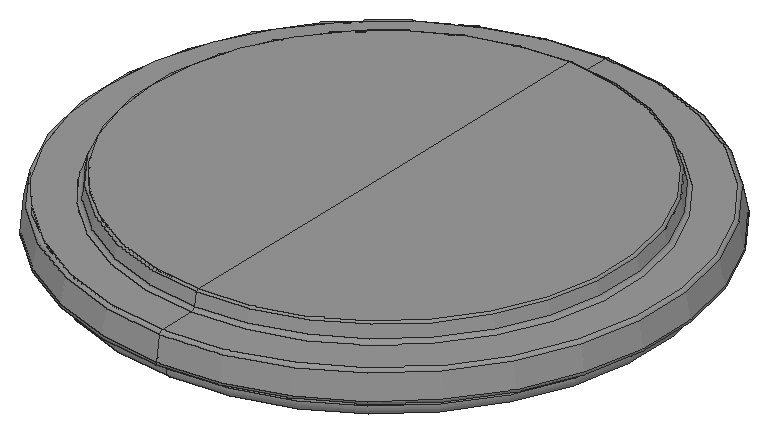
Revit family "FMK13_63_UN_Surface-mounted_ETK", category Lighting Fixtures, Revit 2017 (continued)
Definition of nested family "FMK.1 - Lightsource"
  Types (13, lengths in mm): name | Wattage Comments | Photometric Web File | built-in parameter 1150142 | Apparent Load
    FMK.1229.10N - Ø300x40 / 18W | "18W" | "FMK.1229.10n.ies" | "IESNA:LM-63-2002\r\n[TEST] /2014\r\n[TESTLAB] ies2eulumdat.appspot.com\r\n[ISSUEDATE] 2021-06-16T09:02:18.810\r\n[MANUFAC] www.etk.nl\r\n[LUMCAT] FMK.1209.10\r\n[LUMINAIRE] FMK.1 LED 18W 3000/4000/5700K ø300 niet dimbaar\r\n[LAMPCAT] LED\r\n[LAMP] LED\r\nTILT=NONE\r\n1\t1710\t1\t46\t180\t1\t2\t-0.300\t-0.300\t0\r\n1.0\t1.0\t18.30\r\n0\t 2\t 4\t 6\t 8\t 10\t 12\t 14\t 16\t 18\r\n20\t 22\t 24\t 26\t 28\t 30\t 32\t 34\t 36\t 38\r\n40\t 42\t 44\t 46\t 48\t 50\t 52\t 54\t 56\t 58\r\n60\t 62\t 64\t 66\t 68\t 70\t 72\t 74\t 76\t 78\r\n80\t 82\t 84\t 86\t 88\t 90\r\n0\t 2\t 4\t 6\t 8\t 10\t 12\t 14\t 16\t 18\r\n20\t 22\t 24\t 26\t 28\t 30\t 32\t 34\t 36\t 38\r\n40\t 42\t 44\t 46\t 48\t 50\t 52\t 54\t 56\t 58\r\n60\t 62\t 64\t 66\t 68\t 70\t 72\t 74\t 76\t 78\r\n80\t 82\t 84\t 86\t 88\t 90\t 92\t 94\t 96\t 98\r\n100\t 102\t 104\t 106\t 108\t 110\t 112\t 114\t 116\t 118\r\n120\t 122\t 124\t 126\t 128\t 130\t 132\t 134\t 136\t 138\r\n140\t 142\t 144\t 146\t 148\t 150\t 152\t 154\t 156\t 158\r\n160\t 162\t 164\t 166\t 168\t 170\t 172\t 174\t 176\t 178\r\n180\t 182\t 184\t 186\t 188\t 190\t 192\t 194\t 196\t 198\r\n200\t 202\t 204\t 206\t 208\t 210\t 212\t 214\t 216\t 218\r\n220\t 222\t 224\t 226\t 228\t 230\t 232\t 234\t 236\t 238\r\n240\t 242\t 244\t 246\t 248\t 250\t 252\t 254\t 256\t 258\r\n260\t 262\t 264\t 266\t 268\t 270\t 272\t 274\t 276\t 278\r\n280\t 282\t 284\t 286\t 288\t 290\t 292\t 294\t 296\t 298\r\n300\t 302\t 304\t 306\t 308\t 310\t 312\t 314\t 316\t 318\r\n320\t 322\t 324\t 326\t 328\t 330\t 332\t 334\t 336\t 338\r\n340\t 342\t 344\t 346\t 348\t 350\t 352\t 354\t 356\t 358\r\n\r\n604.9325\t603.2919\t601.6514\t598.9367\t595.1481\t591.3474\t584.4074\t577.4673\t570.5271\t563.5989\r\n556.6589\t546.0716\t535.4844\t524.9091\t514.322\t503.7347\t489.8782\t476.0098\t462.1414\t448.2731\r\n434.4164\t417.5148\t400.6012\t383.6995\t366.7979\t349.8961\t330.7164\t311.5251\t292.3454\t273.1539\r\n253.9742\t234.7827\t215.6031\t196.4116\t177.2319\t158.0404\t0\t0\t0\t0\r\n0\t0\t0\t0\t0\t0\r\n604.9325\t603.303\t601.6736\t598.9672\t595.1776\t591.371\t584.4474\t577.518\t570.5942\t563.6772\r\n556.7804\t546.2089\t535.6382\t525.0562\t514.4711\t503.9096\t490.0793\t476.249\t462.4177\t448.5869\r\n434.7567\t417.8553\t400.9346\t384.014\t367.0954\t350.1887\t331.0138\t311.8383\t292.6629\t273.4839\r\n254.309\t235.1337\t215.9576\t196.7709\t177.5953\t158.8079\t0.4083\t0\t0\t0\r\n0\t0\t0\t0\t0\t0\r\n604.9325\t603.316\t601.6989\t599.0015\t595.1958\t591.3698\t584.4843\t577.5711\t570.6711\t563.7586\r\n556.8947\t546.3551\t535.7596\t525.1644\t514.5799\t504.0319\t490.2428\t476.4007\t462.5425\t448.6943\r\n434.9048\t418.0625\t401.1696\t384.2789\t367.3894\t350.5392\t331.4019\t312.225\t293.0468\t273.8823\r\n254.7052\t235.5402\t216.3663\t197.1991\t178.024\t160.3893\t1.6616\t0\t0\t0\r\n0\t0\t0\t0\t0\t0\r\n604.9325\t603.3306\t601.7275\t599.0433\t595.2312\t591.4156\t584.5657\t577.6625\t570.7544\t563.8431\r\n557.0019\t546.5201\t535.9272\t525.353\t514.7657\t504.264\t490.5226\t476.6557\t462.7667\t448.8924\r\n435.124\t418.3554\t401.4707\t384.5722\t367.6697\t350.8303\t331.7467\t312.5747\t293.4071\t274.2312\r\n255.0699\t235.9111\t216.7553\t197.6045\t178.4467\t162.6446\t3.8393\t0\t0\t0\r\n0\t0\t0\t0\t0\t0\r\n604.9325\t603.3467\t601.7784\t599.0852\t595.2744\t591.4839\t584.6789\t577.7818\t570.8609\t563.9373\r\n557.1543\t546.7354\t536.1372\t525.529\t514.8988\t504.4471\t490.789\t476.9063\t463.0292\t449.1418\r\n435.4474\t418.7539\t401.8361\t384.8952\t367.9622\t351.1523\t332.1531\t312.9933\t293.8363\t274.6741\r\n255.5041\t236.3482\t217.1967\t198.0491\t178.904\t165.4825\t7.0717\t0\t0\t0\r\n0\t0\t0\t0\t0\t0\r\n604.9325\t603.3646\t601.8109\t599.1301\t595.3254\t591.5822\t584.8149\t577.9154\t571.003\t564.0375\r\n557.2822\t546.9546\t536.3271\t525.6894\t515.0537\t504.6554\t491.1358\t477.2379\t463.3307\t449.4155\r\n435.7478\t419.1745\t402.2081\t385.2544\t368.2909\t351.5211\t332.6242\t313.4509\t294.2734\t275.1156\r\n255.9625\t236.8063\t217.6543\t198.5095\t179.3715\t168.6886\t11.5411\t0\t0\t0\r\n0\t0\t0\t0\t0\t0\r\n604.9325\t603.3841\t601.8434\t599.178\t595.3834\t591.6781\t584.976\t578.0752\t571.1133\t564.0963\r\n557.383\t547.1909\t536.5313\t525.8766\t515.2136\t504.8691\t491.4968\t477.5392\t463.5748\t449.6118\r\n435.9498\t419.5755\t402.6015\t385.6298\t368.6616\t351.9183\t333.1605\t313.9425\t294.7654\t275.5923\r\n256.4278\t237.2774\t218.1312\t198.9956\t179.8672\t172.0139\t17.4822\t0\t0\t0\r\n0\t0\t0\t0\t0\t0\r\n604.9325\t603.4053\t601.8759\t599.2285\t595.4497\t591.7812\t585.1731\t578.2085\t571.1927\t564.1664\r\n557.4629\t547.4497\t536.7769\t526.0887\t515.3685\t505.002\t491.8629\t477.8739\t463.8657\t449.8384\r\n436.2083\t420.1244\t403.1335\t386.0845\t369.0368\t352.2643\t333.7051\t314.4923\t295.2823\t276.0978\r\n256.9176\t237.7601\t218.6225\t199.4936\t180.379\t175.1597\t25.1927\t0\t0\t0\r\n0\t0\t0\t0\t0\t0\r\n604.9325\t603.4593\t601.9085\t599.2738\t595.5244\t591.9079\t585.3373\t578.316\t571.3136\t564.2514\r\n557.5412\t547.753\t537.0529\t526.317\t515.5469\t505.1567\t492.6884\t478.2212\t464.1752\t450.1642\r\n436.1336\t421.0943\t403.6156\t386.5209\t369.432\t352.3337\t334.5504\t315.0513\t295.836\t276.637\r\n257.4544\t238.29\t219.1493\t200.0199\t180.9108\t177.7292\t35.0259\t0\t0\t0\r\n0\t0\t0\t0\t0\t0\r\n604.9325\t603.4826\t601.941\t599.3319\t595.6075\t591.9952\t585.4602\t578.4838\t571.4702\t564.333\r\n557.6055\t548.1073\t537.3696\t526.5928\t515.7384\t504.8144\t493.0694\t478.6336\t464.5307\t450.3943\r\n436.2933\t421.64\t404.1436\t386.9492\t369.8193\t352.7072\t335.1677\t315.6771\t296.4365\t277.212\r\n258.007\t238.8258\t219.6743\t200.5397\t181.4425\t179.2574\t47.3991\t0\t0\t0\r\n0\t0\t0\t0\t0\t0\r\n604.9325\t603.5064\t601.9734\t599.3945\t595.7161\t592.0648\t585.6584\t578.7119\t571.6053\t564.412\r\n557.2136\t548.9435\t537.7363\t526.8513\t515.8959\t504.8997\t493.4258\t478.9823\t464.8596\t450.6873\r\n436.4267\t422.0138\t404.7199\t387.5204\t370.3217\t353.0976\t335.7436\t316.324\t297.0385\t277.7912\r\n258.567\t239.3682\t220.2087\t201.0815\t181.9832\t162.9148\t98.4026\t0\t0\t0\r\n0\t0\t0\t0\t0\t0\r\n604.9325\t603.5306\t602.0055\t599.4612\t595.8018\t592.0844\t585.9012\t578.9142\t571.7274\t564.5615\r\n557.281\t549.3317\t538.103\t527.1296\t516.0869\t504.9399\t493.7098\t479.4734\t465.2005\t450.9492\r\n436.7405\t422.5771\t405.4099\t388.0744\t370.7796\t353.4924\t336.2684\t316.9931\t297.6847\t278.4178\r\n259.1782\t239.9648\t220.7735\t201.6345\t182.5343\t163.481\t113.7595\t0\t0\t0\r\n0\t0\t0\t0\t0\t0\r\n604.9325\t603.5554\t602.0217\t599.532\t595.8866\t592.1561\t586.588\t579.0795\t571.9261\t564.708\r\n557.356\t549.6474\t538.4927\t527.425\t516.249\t505.0832\t494.0234\t479.9866\t465.7575\t451.3805\r\n437.0064\t422.8844\t406.0364\t388.6721\t371.3233\t353.9575\t336.8059\t317.7551\t298.3731\t279.0511\r\n259.7888\t240.5534\t221.3703\t202.2241\t183.1196\t164.0583\t128.3143\t0\t0\t0\r\n0\t0\t0\t0\t0\t0\r\n604.9325\t603.5809\t602.0558\t599.618\t595.9723\t592.2358\t586.8402\t579.3172\t572.1843\t564.8477\r\n557.415\t549.9086\t538.9015\t527.7199\t516.5471\t505.2607\t494.2777\t480.6872\t466.1976\t451.7399\r\n437.252\t422.7612\t407.2466\t389.4272\t371.966\t354.4582\t337.2243\t318.5243\t299.1108\t279.742\r\n260.4244\t241.1781\t221.9657\t202.8103\t183.7099\t164.6491\t141.3505\t0\t0\t0\r\n0\t0\t0\t0\t0\t0\r\n604.9325\t603.6071\t602.0912\t599.6912\t596.0451\t591.9798\t587.0148\t579.6483\t572.4109\t565.0026\r\n557.4889\t550.099\t539.3311\t528.166\t516.8776\t505.53\t494.0643\t481.5955\t466.7489\t452.2129\r\n437.6254\t423.0444\t408.0517\t390.1803\t372.5893\t355.0126\t337.4403\t319.5246\t299.8803\t280.4737\r\n261.1232\t241.8179\t222.5739\t203.4066\t184.3006\t165.2486\t152.0665\t0\t0\t0\r\n0\t0\t0\t0\t0\t0\r\n604.9325\t603.6338\t602.1279\t599.7642\t596.2915\t592.06\t587.2479\t579.9651\t572.6275\t565.1743\r\n557.5912\t550.1482\t539.9086\t528.6542\t517.2707\t505.7657\t494.0884\t482.1911\t467.4123\t452.7044\r\n438.0073\t423.2908\t408.632\t391.0308\t373.3713\t355.5458\t337.8389\t320.2515\t300.7003\t281.2121\r\n261.8325\t242.4922\t223.2123\t204.0069\t184.8961\t165.8551\t159.6039\t13.1538\t0\t0\r\n0\t0\t0\t0\t0\t0\r\n604.9325\t603.6611\t602.1659\t599.8376\t596.4054\t592.1391\t587.4977\t580.2805\t572.8868\t565.3787\r\n557.6678\t549.7361\t540.9527\t529.1771\t517.6731\t506.0008\t494.2758\t482.6381\t468.0299\t453.2316\r\n438.4194\t423.5879\t409.1603\t391.9077\t373.8445\t355.9972\t338.2732\t320.7969\t301.5855\t282.0214\r\n262.5566\t243.1786\t223.8823\t204.6641\t185.522\t166.4516\t162.8905\t31.8043\t0\t0\r\n0\t0\t0\t0\t0\t0\r\n604.9325\t603.6892\t602.2049\t599.908\t596.5241\t592.1992\t587.8004\t580.5758\t573.1764\t565.6227\r\n557.7326\t549.8042\t541.4288\t529.7323\t518.1144\t506.3438\t494.4987\t482.7908\t468.7329\t453.8508\r\n438.9175\t423.9507\t408.6493\t392.7359\t374.5174\t356.6496\t338.8317\t321.0335\t302.7194\t282.8805\r\n263.3626\t243.9028\t224.5481\t205.3141\t186.1662\t167.0952\t148.1118\t88.6377\t0\t0\r\n0\t0\t0\t0\t0\t0\r\n604.9325\t603.7179\t602.2449\t599.981\t596.652\t592.2995\t588.0109\t580.9296\t573.5102\t565.8506\r\n557.9219\t549.8881\t541.7121\t530.3743\t518.611\t506.7558\t494.6717\t482.47\t469.828\t454.5537\r\n439.4245\t424.0109\t408.6349\t393.3735\t375.3775\t357.3866\t339.435\t321.5173\t303.5607\t283.7689\r\n264.1651\t244.6733\t225.2874\t205.9828\t186.7886\t167.711\t148.7442\t112.1139\t0\t0\r\n0\t0\t0\t0\t0\t0\r\n604.9325\t603.7473\t602.2856\t600.0568\t596.7719\t592.4179\t588.1719\t581.3183\t573.9078\t566.0743\r\n558.1389\t549.9635\t541.9262\t531.0335\t519.2162\t507.1698\t494.9265\t482.6333\t470.329\t455.2483\r\n439.8147\t424.3822\t408.9232\t393.7403\t376.3501\t358.2294\t340.1252\t322.0395\t304.2025\t284.7408\r\n265.0668\t245.4539\t225.9736\t206.6463\t187.4435\t168.3603\t149.3849\t130.4101\t0\t0\r\n0\t0\t0\t0\t0\t0\r\n604.9325\t603.7776\t602.3343\t600.133\t596.8924\t592.5514\t588.2573\t582.1028\t574.2915\t566.3966\r\n558.3966\t550.0391\t541.4961\t532.1224\t519.854\t507.633\t495.3114\t482.8481\t470.4815\t456.3368\r\n440.5157\t424.9232\t409.2495\t393.6295\t377.6559\t359.1366\t340.8577\t322.656\t304.5206\t285.931\r\n265.9183\t246.2694\t226.7385\t207.3469\t188.0877\t168.9899\t150.0335\t142.1012\t0.9237\t0\r\n0\t0\t0\t0\t0\t0\r\n604.9325\t603.8087\t602.2411\t600.2093\t597.0138\t592.7089\t587.9814\t582.506\t574.6544\t566.7889\r\n558.6686\t550.1973\t541.4544\t532.5851\t520.5561\t508.2392\t495.7924\t483.0495\t470.1335\t457.1163\r\n441.3228\t425.5219\t409.7509\t393.9106\t378.232\t360.1469\t341.7391\t323.3504\t304.9773\t286.7673\r\n266.8982\t247.1147\t227.4881\t208.0586\t188.7792\t169.6606\t150.6879\t131.866\t21.4679\t0\r\n0\t0\t0\t0\t0\t0\r\n604.9325\t603.8407\t602.2844\t600.2854\t597.1426\t592.8591\t588.0729\t582.907\t575.0998\t567.2089\r\n558.9621\t550.3823\t541.4848\t532.7997\t521.7716\t508.9483\t496.2748\t483.3245\t470.3834\t457.4768\r\n442.2022\t426.336\t410.3521\t394.239\t378.1528\t361.5855\t342.6871\t324.0744\t305.6064\t287.3619\r\n267.8645\t248.0216\t228.3498\t208.8257\t189.4682\t170.3025\t151.3323\t132.5387\t80.029\t0\r\n0\t0\t0\t0\t0\t0\r\n604.9325\t603.8733\t602.3299\t600.3607\t597.2661\t593.1545\t588.1843\t583.2018\t575.6055\t567.6783\r\n559.3106\t550.6007\t541.5686\t532.3163\t522.4808\t509.7479\t496.8485\t483.8597\t470.6669\t457.2136\r\n443.4699\t427.2526\t410.9944\t394.713\t378.4457\t362.2796\t343.7493\t325.0072\t306.2591\t287.6577\r\n269.0839\t249.009\t229.1809\t209.5733\t190.2093\t170.9954\t151.9889\t133.1871\t107.1195\t0\r\n0\t0\t0\t0\t0\t0\r\n604.9325\t603.907\t602.3776\t600.435\t597.3875\t593.3208\t588.3223\t583.4193\t576.5313\t568.1743\r\n559.709\t550.8685\t541.7588\t532.2517\t522.878\t510.5737\t497.5582\t484.484\t471.0737\t457.3263\r\n443.9663\t428.2466\t411.8005\t395.3788\t378.7305\t362.2173\t345.2416\t325.9593\t307.1037\t288.3016\r\n269.7515\t250.003\t230.1332\t210.3898\t190.9169\t171.6613\t152.6389\t133.8373\t123.7799\t0\r\n0\t0\t0\t0\t0\t0\r\n604.9325\t603.9123\t602.428\t600.501\t597.5056\t593.4861\t588.4837\t583.5425\t577.0344\t568.7101\r\n560.1512\t551.1686\t541.9813\t532.3519\t522.4772\t511.7762\t498.5257\t485.22\t471.4735\t457.7046\r\n443.7031\t429.415\t412.8677\t396.0261\t379.2618\t362.4764\t345.8916\t327.1753\t308.035\t288.9915\r\n270.1463\t251.2322\t231.0663\t211.2373\t191.6472\t172.3408\t153.2921\t134.4874\t115.9236\t9.2138\r\n0\t0\t0\t0\t0\t0\r\n604.9325\t603.9481\t602.4812\t600.5742\t597.6202\t593.653\t588.668\t583.3077\t577.4581\t569.2983\r\n560.6533\t551.5767\t542.2042\t532.5113\t522.3616\t512.2177\t499.5876\t486.0776\t472.1462\t458.1519\r\n443.8695\t429.876\t414.2071\t396.917\t379.9187\t362.8675\t345.8321\t328.6051\t309.1102\t289.916\r\n270.7523\t251.9617\t232.0644\t212.1103\t192.4343\t173.0323\t153.9173\t135.1018\t116.562\t65.7955\r\n0\t0\t0\t0\t0\t0\r\n604.9325\t603.9852\t602.5371\t600.6467\t597.73\t593.8172\t588.8736\t583.4583\t577.7772\t570.2819\r\n561.2111\t552.1325\t542.5577\t532.7343\t522.3727\t511.8663\t500.9199\t486.9213\t472.9747\t458.7217\r\n444.2496\t429.5691\t414.7964\t398.0122\t380.7816\t363.4509\t346.0825\t328.8111\t310.4213\t290.8883\r\n271.5384\t252.3269\t233.2419\t213.0364\t193.2161\t173.736\t154.5864\t135.7567\t117.2044\t96.1475\r\n0\t0\t0\t0\t0\t0\r\n604.9325\t604.0236\t602.596\t600.7186\t597.8194\t593.9774\t589.2292\t583.6201\t577.9865\t570.7992\r\n561.8256\t552.71\t543.0652\t533.0169\t522.502\t511.8678\t501.241\t488.4687\t473.9436\t459.4936\r\n444.832\t429.7247\t414.7044\t399.4139\t381.8032\t364.1979\t346.6042\t329.0336\t311.6354\t292.1036\r\n272.4601\t253.0354\t233.7628\t214.0337\t194.1035\t174.5269\t155.255\t136.3516\t117.8305\t109.9048\r\n0\t0\t0\t0\t0\t0\r\n604.9325\t604.0637\t602.658\t600.789\t597.9215\t594.1325\t589.4529\t583.8272\t577.7627\t571.1951\r\n562.8118\t553.2917\t543.6239\t533.3822\t522.7915\t511.9619\t500.5541\t489.0998\t475.0948\t460.4654\r\n445.4767\t430.3017\t414.8994\t399.3696\t383.2919\t365.1943\t347.3191\t329.4129\t311.6006\t293.6303\r\n273.6308\t253.85\t234.3543\t215.1938\t195.0532\t175.2777\t155.9455\t136.9913\t118.4168\t100.2246\r\n10.9351\t0\t0\t0\t0\t0\r\n604.9325\t604.1049\t602.7234\t600.8579\t598.021\t594.2782\t589.6773\t584.0732\t577.9255\t571.4711\r\n563.458\t554.0039\t544.2463\t533.8777\t523.2306\t512.1995\t500.5102\t488.6583\t476.4436\t461.6248\r\n446.3237\t431.0595\t415.3954\t399.5376\t383.6965\t366.7259\t348.2364\t330.1152\t311.8732\t293.8363\r\n275.1387\t254.8952\t235.1611\t215.6652\t196.0554\t176.1444\t156.6456\t137.594\t119.0254\t100.8532\r\n68.8785\t0\t0\t0\t0\t0\r\n604.9325\t604.3797\t602.795\t600.7955\t598.1176\t594.4184\t589.9421\t584.4807\t578.1293\t571.2717\r\n564.0225\t555.1365\t544.9684\t534.4889\t523.7521\t512.5133\t500.6805\t488.5879\t476.1182\t463.0735\r\n447.6366\t431.9684\t416.1152\t399.9456\t383.6989\t367.3767\t349.5599\t330.9731\t312.5046\t294.0321\r\n275.9095\t256.218\t236.1048\t216.3684\t197.0093\t177.0397\t157.4158\t138.2701\t119.6169\t101.4035\r\n91.2126\t0\t0\t0\t0\t0\r\n604.9325\t604.4205\t602.8672\t600.8728\t598.211\t594.5549\t590.1569\t584.7672\t578.3807\t571.4627\r\n564.3113\t555.8405\t545.7988\t535.2615\t524.3877\t512.92\t501.0143\t488.7096\t476.0305\t462.7583\r\n449.2912\t433.217\t417.0958\t400.713\t384.1708\t367.2088\t350.6545\t332.2272\t313.392\t294.5441\r\n275.8683\t257.4578\t237.4149\t217.2362\t197.4869\t178.1427\t158.2694\t138.9226\t120.2106\t101.9885\r\n84.2445\t0\t0\t0\t0\t0\r\n604.9325\t604.4609\t602.9426\t600.9571\t598.301\t594.685\t590.3595\t585.0141\t578.795\t571.7158\r\n564.1432\t556.2603\t546.8908\t536.205\t525.1774\t513.5407\t501.5676\t489.0287\t476.1442\t462.6532\r\n448.9921\t434.8922\t418.416\t401.8982\t384.7929\t367.6136\t350.3325\t333.3151\t314.6323\t295.4577\r\n276.336\t257.5068\t238.7779\t218.4036\t198.3424\t178.728\t159.174\t139.7342\t120.8004\t102.4847\r\n84.7775\t45.5539\t0\t0\t0\t0\r\n604.9325\t604.5006\t603.0216\t601.0606\t598.3865\t594.8079\t590.54\t585.2417\t579.0807\t572.1467\r\n564.4011\t556.1409\t547.4037\t537.4374\t526.1369\t514.3405\t502.2658\t489.5783\t476.4823\t462.9105\r\n448.8591\t434.6232\t420.0685\t403.4046\t385.7751\t368.4205\t350.8718\t333.1656\t315.607\t296.8929\r\n277.2305\t257.8752\t238.7581\t219.918\t199.4756\t179.4703\t160.1376\t140.5119\t121.4449\t103.0157\r\n85.2703\t74.215\t0\t0\t0\t0\r\n604.9325\t604.5394\t603.1042\t601.1584\t598.3492\t594.9234\t590.7019\t585.451\t579.3531\t572.4943\r\n564.7651\t556.3877\t547.3688\t538.0224\t527.3866\t515.3535\t503.115\t490.3931\t476.9994\t463.303\r\n449.0547\t434.4994\t419.6921\t404.5604\t387.5106\t369.5539\t351.7313\t333.6797\t315.5431\t297.2741\r\n278.797\t258.7661\t239.2377\t219.9717\t200.9556\t180.5254\t160.6648\t141.5044\t122.1648\t103.5896\r\n85.7592\t68.6221\t0\t0\t0\t0\r\n604.9325\t604.5773\t603.1902\t601.2632\t598.4516\t595.0092\t590.8464\t585.643\t579.6101\t572.8202\r\n565.325\t556.7647\t547.6995\t538.0024\t527.9437\t516.6478\t504.4938\t491.4266\t477.8344\t463.9221\r\n449.6332\t434.78\t419.7115\t403.8594\t387.7921\t371.4508\t353.0947\t334.6903\t316.1395\t297.631\r\n278.8793\t260.2808\t240.1353\t220.3427\t201.0312\t181.9801\t161.6499\t142.0644\t123.0333\t104.2161\r\n86.2409\t69.0879\t15.2173\t0\t0\t0\r\n604.9325\t604.6141\t603.2798\t601.3757\t598.5679\t594.9853\t590.9493\t585.8192\t579.8489\t573.1198\r\n565.7109\t557.3403\t548.3007\t538.393\t527.9435\t517.2634\t505.3927\t492.933\t478.9816\t464.8927\r\n450.474\t435.4187\t420.1142\t403.9636\t387.6809\t371.1777\t354.5307\t336.6039\t317.3934\t298.4472\r\n279.3102\t260.28\t241.3379\t221.3309\t201.4226\t182.0109\t163.0786\t142.9823\t123.7395\t104.974\r\n86.81\t69.5539\t58.969\t0\t0\t0\r\n604.9325\t604.6498\t603.6043\t601.4957\t598.6984\t595.1135\t590.9331\t585.9739\t580.0893\t573.3916\r\n566.0512\t557.7504\t548.7954\t539.0648\t528.4009\t517.3472\t505.5605\t493.6743\t480.4541\t466.4352\r\n451.5987\t436.4298\t420.8587\t404.6187\t388.0855\t371.2381\t354.0167\t336.6193\t319.1551\t299.9255\r\n280.4523\t260.8892\t241.3921\t222.136\t202.5984\t182.4131\t163.0718\t144.3638\t124.5764\t105.7842\r\n87.4272\t70.0349\t53.7077\t0\t0\t0\r\n604.9325\t604.6844\t603.6946\t601.6237\t598.8432\t595.2649\t591.0743\t585.9936\t580.2878\t573.6051\r\n566.3212\t558.1173\t549.2219\t539.5715\t529.1248\t518.0448\t506.0844\t493.7649\t480.7344\t467.3507\r\n453.0676\t438.029\t422.0569\t405.7673\t388.9954\t371.8917\t354.386\t336.673\t318.7419\t300.4149\r\n282.1798\t262.3184\t242.4052\t222.5131\t202.8279\t183.5184\t163.5632\t144.26
